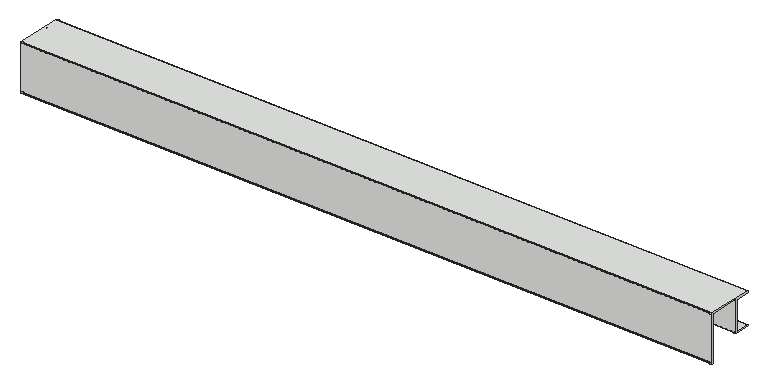
Revit family "profiles PR4050 2015", category Generic Models, Revit 2015
Parameters (values of type "ISOLAMIN PR4050 flashing")
  Profile Length [instance] = 1180 mm
Reference planes
  plane 1 "Center (Front/Back)": y = 0
  plane 2: z = 0
  plane 3 "Center (Left/Right)": x = 0
  plane 4: x = 1180
Forms (mm)
  Extrusion 1, solid, material "ISOLAMIN Surface Material"
    sketch origin (0, 678.079, -1070.885) x (0, 1, 0) y (0, 0, 1)
      loop
        arc (-755.036, 1149.091) -> (-755.602, 1148.857) -> (-755.836, 1148.291) r 0.8
        line (-755.836, 1148.291) -> (-755.836, 1072.391)
        arc (-755.836, 1072.391) -> (-754.836, 1071.391) -> (-753.836, 1072.391) r 1
        line (-753.836, 1072.391) -> (-753.836, 1079.691) -> (-754.836, 1079.691) -> (-754.836, 1147.591)
        arc (-754.836, 1147.591) -> (-754.69, 1147.945) -> (-754.336, 1148.091) r 0.5
        line (-754.336, 1148.091) -> (-703.869, 1148.086)
        arc (-703.869, 1148.086) -> (-704.306, 1147.701) -> (-704.436, 1147.133) r 0.95
        line (-704.436, 1147.133) -> (-704.436, 1097.191)
        arc (-704.436, 1097.191) -> (-704.202, 1096.625) -> (-703.636, 1096.391) r 0.8
        line (-703.636, 1096.391) -> (-678.436, 1096.391) -> (-678.436, 1097.391) -> (-702.936, 1097.391)
        arc (-702.936, 1097.391) -> (-703.29, 1097.538) -> (-703.436, 1097.891) r 0.5
        line (-703.436, 1097.891) -> (-703.436, 1147.091) -> (-679.136, 1147.091)
        arc (-679.136, 1147.091) -> (-678.136, 1148.091) -> (-679.136, 1149.091) r 1
        line (-679.136, 1149.091) -> (-755.036, 1149.091)
    from 0 to 1180
Dimensions and locks
  "Profile Length": plane 3 "Center (Left/Right)" to plane 4
  aligned and locked: level to plane 2
  aligned and locked: plane 4 to Extrusion 1
Automatic sketch dimensions
  plane 1 "Center (Front/Back)" to Extrusion 1 sketch curve = 76.257 mm
  level to Extrusion 1 sketch curve = 76.706 mm
  Extrusion 1 sketch curve to Extrusion 1 sketch curve = 0.5 mm  (x2)
  Extrusion 1 sketch curve to Extrusion 1 sketch curve = 0.7 mm  (x3)
  Extrusion 1 sketch curve to Extrusion 1 sketch curve = 50.467 mm
  Extrusion 1 sketch curve to Extrusion 1 sketch curve = 24.733 mm
  Extrusion 1 sketch curve to Extrusion 1 sketch curve = 0.005 mm
  Extrusion 1 sketch curve to Extrusion 1 sketch curve = 1.005 mm
  Extrusion 1 sketch curve to Extrusion 1 sketch curve = 0 mm  (x2)
  Extrusion 1 sketch curve to Extrusion 1 sketch curve = 67.9 mm
  Extrusion 1 sketch curve to Extrusion 1 sketch curve = 7.3 mm
  Extrusion 1 sketch curve to Extrusion 1 sketch curve = 0.38 mm
  Extrusion 1 sketch curve to Extrusion 1 sketch curve = 0.871 mm
  Extrusion 1 sketch curve to Extrusion 1 sketch curve = 0.947 mm
  Extrusion 1 sketch curve to Extrusion 1 sketch curve = 49.942 mm
  Extrusion 1 sketch curve to Extrusion 1 sketch curve = 0.053 mm
  Extrusion 1 sketch curve to Extrusion 1 sketch curve = 0.124 mm
  Extrusion 1 sketch curve to Extrusion 1 sketch curve = 1 mm
  Extrusion 1 sketch curve to Extrusion 1 sketch curve = 0.2 mm
  Extrusion 1 sketch curve to Extrusion 1 sketch curve = 24.5 mm
